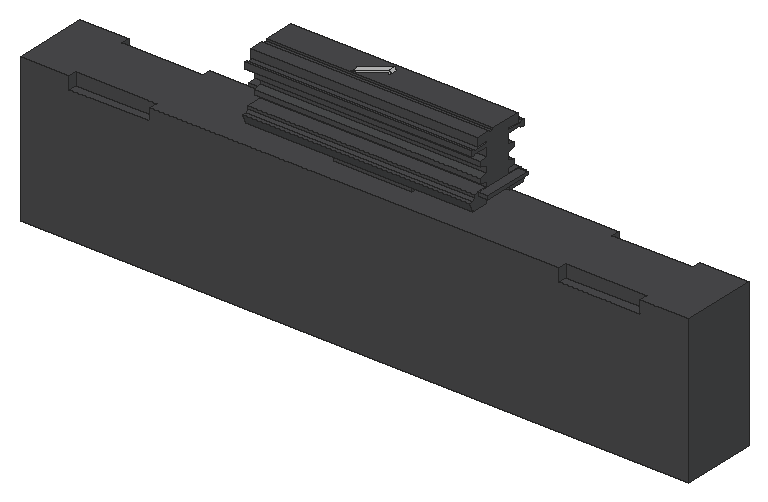
Revit family "STRIPE SINGLE HEAD RAIL 328_DTM15N3.6.90", category Luminarias, Revit 2019
Family settings
  Cota de conector redondo = Diámetro de uso
  Tipo de pieza = Normal
  Se basa en plano de trabajo = Sí
  Siempre vertical = Sí
  Corte con vacíos al cargar = No
  Origen de luz = Sí
  Compartido = No
  Punto de cálculo de habitación = No
Parameters (values of type "STRIPE SINGLE HEAD RAIL 328_DTM15N3.6.90")
  Ángulo de inclinación = 60.00°
  Zone [instance] = ""
  Watt per fixture = 15
  Wattage = 15 W
  built-in parameter 1150107 = 4000 (stored number, unit not read)
  built-in parameter 1150110 = 1 (stored number, unit not read)
  built-in parameter 1150109 = 1 (stored number, unit not read)
  built-in parameter 1150112 = 1 (stored number, unit not read)
  built-in parameter 1150113 = 1 (stored number, unit not read)
  built-in parameter 1114218 = 1 (stored number, unit not read)
  Keynote = ""
  built-in parameter 1150137 = (empty or 0)
  built-in parameter 1150132 = (empty or 0)
  Modelo = "DTM15N3.6.90"
  Lámpara = "2835SMD SAMSUNG"
  built-in parameter 1150105 = 733.28 (stored number, unit not read)
  built-in parameter 1150102 = (empty or 0)
  built-in parameter 1150106 = 7.3328 (stored number, unit not read)
  Lumens = 1260 lm
  Color Filter = 16777215
  built-in parameter 1114217 = 1 (stored number, unit not read)
  built-in parameter 1150139 = (empty or 0)
  Fabricante = "BRILLANT"
  Default Elevation = 1219.2 mm
  built-in parameter 1150104 = 7.8039 (stored number, unit not read)
  Descripción = "LUMINARIA DOWNLIGHT EN FORMATO RECTANGULAR COMPATIBLE CON RIEL DE 6 ENTRADAS Y 3 CIRCUITOS CON CABEZAL PARA PODER DIRIGIR LA LUMINARIA HASTA 30 GRADOS, CUERPO DE ALUMINIO ACABADO EN COLOR NEGRO, IP 20, PESO 0.82Kg, TIPO DE LED 2835SMD SAMSUNG CON 15W TOTAL, 1200 LUMENES, 84LM/W, IRC 90, TEMPERATURA EN BLANCO FRIO 4000K, 50 MIL HORAS DE VIDA PROMEDIO, APERTURA DE 90 GRADOS EN STOCK, ALIMENTADO A 90-240V"
  built-in parameter 1150115 = 1 (stored number, unit not read)
  built-in parameter 1150114 = 1 (stored number, unit not read)
  Comentarios de vataje = "90-240V"
  built-in parameter 1150138 = (empty or 0)
  built-in parameter 1150134 = 12
  Circuit [instance] = ""
  Dimming Lamp Color Temperature Shift = (empty or 0)
  Archivo de red fotométrica = "L328B-15W-840-B-90_IESNA95.IES"
  built-in parameter 1150133 = 10 (stored number, unit not read)
Reference planes
  plane 1 "Centro (Frontal/Posterior)": y = 0
  plane 2: z = 0
  plane 3 "Centro (Izquierda/Derecha)": x = 0
Forms (mm)
  Extrusion 1, solid, material "Default Form"
    sketch origin (0, 0, 0) x (1, 0, 0) y (0, 0, 1)
      loop
        line (-164, 0) -> (-164, -72) -> (164, -72) -> (164, 0) -> (-164, 0)
    from -18.326 to 18.326
  Blend 2, void
    base sketch origin (0, 0, 0) x (1, 0, 0) y (0, 1, 0)
      loop
        line (-162, 16.149) -> (-162, -16.149) -> (160.591, -16.149) -> (160.591, 16.149) -> (-162, 16.149)
    top sketch origin (0, 0, 0) x (1, 0, 0) y (0, 1, 0)
      loop
        line (-160, 12.149) -> (-160, -12.149) -> (157.1, -12.149) -> (157.1, 12.149) -> (-160, 12.149)
    from -71.621 to -61.591
  Extrusion 3, solid, material "Default Form"
    sketch origin (-55.628, 0, 7.5) x (0, 1, 0) y (0, 0, 1)
      loop
        line (-7.273, 1.74) -> (7.273, 1.74) -> (7.273, 0) -> (15.231, 0) -> (17.006, 4.494) -> (15.021, 4.494) -> (14.058, 5.868) -> (14.058, 7.166) -> (6.473, 7.166) -> (6.473, 9.324) -> (10.169, 10.163) -> (10.169, 12.464) -> (6.473, 13.302) -> (6.473, 16.66) -> (10.169, 17.499) -> (10.169, 19.8) -> (6.473, 20.638) -> (6.473, 25.016) -> (13.839, 25.016) -> (14.514, 24.341) -> (15.775, 24.341) -> (15.775, 27.171) -> (14.73, 27.171) -> (14.058, 26.499) -> (6.473, 26.499) -> (6.473, 27.299) -> (12.377, 27.299) -> (12.377, 31.471) -> (-2.744, 31.471) -> (-2.744, 30.671) -> (-5.514, 30.671) -> (-5.514, 31.471) -> (-12.377, 31.471) -> (-12.377, 27.299) -> (-6.473, 27.299) -> (-6.473, 26.499) -> (-14.058, 26.499) -> (-14.73, 27.171) -> (-15.775, 27.171) -> (-15.775, 24.341) -> (-14.514, 24.341) -> (-13.839, 25.016) -> (-6.473, 25.016) -> (-6.473, 20.638) -> (-10.169, 19.8) -> (-10.169, 17.499) -> (-6.473, 16.66) -> (-6.473, 13.302) -> (-10.169, 12.464) -> (-10.169, 10.163) -> (-6.473, 9.324) -> (-6.473, 7.166) -> (-14.058, 7.166) -> (-14.058, 5.868) -> (-15.021, 4.494) -> (-17.006, 4.494) -> (-15.231, 0) -> (-7.273, 0) -> (-7.273, 1.74)
    from 0 to 111.256
  Extrusion 4, solid, material "Default Form"
    sketch origin (0, 0, 0) x (1, 0, 0) y (0, 1, 0)
      loop
        line (-19.12, 6.873) -> (-19.12, -6.873) -> (19.12, -6.873) -> (19.12, 6.873) -> (-19.12, 6.873)
    from 0 to 2.67
  Extrusion 5, solid, material "Default Form"
    sketch origin (0, 0, 0) x (1, 0, 0) y (0, 1, 0)
      loop
        line (-10.93, 3.188) -> (-10.93, -3.188) -> (10.93, -3.188) -> (10.93, 3.188) -> (-10.93, 3.188)
    from 2.67 to 7.5
  Extrusion 6, void
    sketch origin (0, 0, 0) x (1, 0, 0) y (0, 1, 0)
      loop
        line (-140.14, 18.326) -> (-140.14, 14.276) -> (-100.42, 14.276) -> (-100.42, 18.326) -> (-140.14, 18.326)
      loop
        line (-140.14, -18.326) -> (-100.42, -18.326) -> (-100.42, -14.276) -> (-140.14, -14.276) -> (-140.14, -18.326)
      loop
        line (140.14, -18.326) -> (140.14, -14.276) -> (100.42, -14.276) -> (100.42, -18.326) -> (140.14, -18.326)
      loop
        line (140.14, 18.326) -> (100.42, 18.326) -> (100.42, 14.276) -> (140.14, 14.276) -> (140.14, 18.326)
    from -6.015 to 0
  Extrusion 7, solid, material "Acero Inoxidable"
    sketch origin (0, -1.594, 0) x (1, 0, 0) y (0, 0, -1)
      loop
        line (-15, -38.971) -> (3.794, -45.811) -> (4.341, -44.308) -> (3.589, -44.034) -> (3.316, -44.786) -> (-12.661, -38.971) -> (-15, -38.971)
    from 0 to 3.188
  Extrusion 8, solid, material "Default Form"
    sketch origin (0, 0, 0) x (1, 0, 0) y (0, 1, 0)
      loop
        line (-55.628, 6.473) -> (-66.331, 6.473) -> (-66.331, 0) -> (-55.628, 0) -> (-55.628, 6.473)
      loop
        line (55.628, 12.377) -> (55.628, -12.149) -> (60.628, -12.149) -> (60.628, 12.377) -> (55.628, 12.377)
    from 13.368 to 15
  Extrusion 9, solid, material "Cristal"
    sketch origin (0, 0, 0) x (1, 0, 0) y (0, 1, 0)
      loop
        line (-162, 16.149) -> (-162, -16.149) -> (160.591, -16.149) -> (160.591, 16.149) -> (-162, 16.149)
    from -72 to -70.954
Cuts and joins
  Blend 2, Extrusion 6 cuts Extrusion 1
Dimensions and locks
  equal spacing: Extrusion 1, plane 1 "Centro (Frontal/Posterior)", Extrusion 1
  Extrusion 1 to plane 1 "Centro (Frontal/Posterior)" = 18.326 mm
  Extrusion 1 to Extrusion 1 = 36.651 mm
  Extrusion 1 to Extrusion 1 = 72 mm
  Extrusion 1 to Extrusion 1 = 328 mm
  cut or joined group of Extrusion 1, Blend 2, Extrusion 6 to cut or joined group of Extrusion 1, Blend 2, Extrusion 6 = 72 mm
  cut or joined group of Extrusion 1, Blend 2, Extrusion 6 to cut or joined group of Extrusion 1, Blend 2, Extrusion 6 = 36.651 mm
  cut or joined group of Extrusion 1, Blend 2, Extrusion 6 to cut or joined group of Extrusion 1, Blend 2, Extrusion 6 = 328 mm
  equal spacing: cut or joined group of Extrusion 1, Blend 2, Extrusion 6, plane 1 "Centro (Frontal/Posterior)", cut or joined group of Extrusion 1, Blend 2, Extrusion 6
  locked: cut or joined group of Extrusion 1, Blend 2, Extrusion 6 to cut or joined group of Extrusion 1, Blend 2, Extrusion 6 at 23.86  (x2)
  aligned and locked: level to plane 2
  aligned and locked: Extrusion 5 to Extrusion 3
  aligned and locked: Extrusion 5 to Extrusion 4
Automatic sketch dimensions
  Extrusion 1 sketch curve to level = 0 mm
  Extrusion 1 sketch curve to level = 72 mm
  Extrusion 1 sketch curve to plane 3 "Centro (Izquierda/Derecha)" = 164 mm
  plane 3 "Centro (Izquierda/Derecha)" to Extrusion 1 sketch curve = 164 mm
  plane 1 "Centro (Frontal/Posterior)" to Extrusion 3 sketch curve = 17.006 mm
  plane 1 "Centro (Frontal/Posterior)" to Extrusion 3 sketch curve = 15.775 mm
  level to Extrusion 3 sketch curve = 7.5 mm  (x2)
  Extrusion 3 sketch curve to Extrusion 3 sketch curve = 1.775 mm
  Extrusion 3 sketch curve to Extrusion 3 sketch curve = 1.985 mm  (x2)
  Extrusion 3 sketch curve to Extrusion 3 sketch curve = 1.045 mm
  Extrusion 3 sketch curve to Extrusion 3 sketch curve = 1.261 mm  (x2)
  Extrusion 3 sketch curve to Extrusion 3 sketch curve = 0.963 mm  (x2)
  Extrusion 3 sketch curve to Extrusion 3 sketch curve = 0.672 mm  (x4)
  Extrusion 3 sketch curve to Extrusion 3 sketch curve = 0.675 mm  (x3)
  Extrusion 3 sketch curve to Extrusion 3 sketch curve = 2.354 mm
  Extrusion 3 sketch curve to Extrusion 3 sketch curve = 4.345 mm
  Extrusion 3 sketch curve to Extrusion 3 sketch curve = 3.89 mm  (x2)
  plane 1 "Centro (Frontal/Posterior)" to Extrusion 3 sketch curve = 7.273 mm
  Extrusion 3 sketch curve to Extrusion 3 sketch curve = 3.696 mm  (x4)
  Extrusion 3 sketch curve to Extrusion 3 sketch curve = 5.904 mm  (x2)
  Extrusion 3 sketch curve to Extrusion 3 sketch curve = 0 mm  (x3)
  Extrusion 3 sketch curve to Extrusion 3 sketch curve = 0.959 mm
  plane 1 "Centro (Frontal/Posterior)" to Extrusion 3 sketch curve = 2.744 mm
  Extrusion 3 sketch curve to plane 1 "Centro (Frontal/Posterior)" = 6.473 mm  (x2)
  Extrusion 3 sketch curve to Extrusion 3 sketch curve = 0.8 mm  (x3)
  Extrusion 3 sketch curve to Extrusion 3 sketch curve = 1.462 mm
  Extrusion 3 sketch curve to Extrusion 3 sketch curve = 0.22 mm
  Extrusion 3 sketch curve to Extrusion 3 sketch curve = 0.21 mm
  Extrusion 3 sketch curve to Extrusion 3 sketch curve = 1.74 mm
  Extrusion 3 sketch curve to Extrusion 3 sketch curve = 4.494 mm  (x2)
  Extrusion 3 sketch curve to Extrusion 3 sketch curve = 1.375 mm  (x2)
  Extrusion 3 sketch curve to Extrusion 3 sketch curve = 5.426 mm  (x2)
  Extrusion 3 sketch curve to Extrusion 3 sketch curve = 2.158 mm  (x2)
  Extrusion 3 sketch curve to Extrusion 3 sketch curve = 0.839 mm  (x8)
  Extrusion 3 sketch curve to Extrusion 3 sketch curve = 2.301 mm  (x4)
  Extrusion 3 sketch curve to Extrusion 3 sketch curve = 3.358 mm  (x2)
  Extrusion 3 sketch curve to Extrusion 3 sketch curve = 4.541 mm  (x2)
  Extrusion 3 sketch curve to Extrusion 3 sketch curve = 4.378 mm
  Extrusion 3 sketch curve to Extrusion 3 sketch curve = 1.483 mm  (x2)
  Extrusion 3 sketch curve to Extrusion 3 sketch curve = 3.372 mm
  Extrusion 3 sketch curve to Extrusion 3 sketch curve = 4.172 mm  (x2)
  plane 1 "Centro (Frontal/Posterior)" to Extrusion 4 sketch curve = 6.873 mm
  Extrusion 4 sketch curve to plane 3 "Centro (Izquierda/Derecha)" = 19.12 mm
  plane 3 "Centro (Izquierda/Derecha)" to Extrusion 4 sketch curve = 19.12 mm
  Extrusion 4 sketch curve to plane 1 "Centro (Frontal/Posterior)" = 6.873 mm
  plane 1 "Centro (Frontal/Posterior)" to Extrusion 5 sketch curve = 3.188 mm
  Extrusion 5 sketch curve to plane 3 "Centro (Izquierda/Derecha)" = 10.93 mm
  plane 3 "Centro (Izquierda/Derecha)" to Extrusion 5 sketch curve = 10.93 mm
  Extrusion 5 sketch curve to plane 1 "Centro (Frontal/Posterior)" = 3.188 mm
  Extrusion 6 sketch curve to plane 1 "Centro (Frontal/Posterior)" = 18.326 mm
  Extrusion 6 sketch curve to plane 3 "Centro (Izquierda/Derecha)" = 140.14 mm
  Extrusion 6 sketch curve to Extrusion 6 sketch curve = 0 mm  (x4)
  plane 1 "Centro (Frontal/Posterior)" to Extrusion 6 sketch curve = 18.326 mm
  Extrusion 6 sketch curve to Extrusion 6 sketch curve = 39.72 mm  (x2)
  Extrusion 6 sketch curve to plane 1 "Centro (Frontal/Posterior)" = 14.276 mm
  plane 3 "Centro (Izquierda/Derecha)" to Extrusion 6 sketch curve = 100.42 mm
  plane 1 "Centro (Frontal/Posterior)" to Extrusion 6 sketch curve = 14.276 mm
  Extrusion 6 sketch curve to Extrusion 6 sketch curve = 4.049 mm  (x4)
  Extrusion 7 sketch curve to plane 3 "Centro (Izquierda/Derecha)" = 15 mm
  Extrusion 7 sketch curve to Extrusion 7 sketch curve = 2.339 mm
  plane 3 "Centro (Izquierda/Derecha)" to Extrusion 7 sketch curve = 3.316 mm
  Extrusion 7 sketch curve to Extrusion 7 sketch curve = 0.274 mm
  Extrusion 7 sketch curve to Extrusion 7 sketch curve = 0.478 mm
  Extrusion 7 sketch curve to Extrusion 7 sketch curve = 0.752 mm
  level to Extrusion 7 sketch curve = 45.811 mm
  plane 1 "Centro (Frontal/Posterior)" to Extrusion 8 sketch curve = 0 mm
  Extrusion 8 sketch curve to plane 1 "Centro (Frontal/Posterior)" = 6.473 mm
  Extrusion 8 sketch curve to plane 3 "Centro (Izquierda/Derecha)" = 66.331 mm
  Extrusion 8 sketch curve to Extrusion 8 sketch curve = 10.703 mm
  Extrusion 8 sketch curve to plane 1 "Centro (Frontal/Posterior)" = 12.377 mm
  plane 3 "Centro (Izquierda/Derecha)" to Extrusion 8 sketch curve = 55.628 mm
  Extrusion 8 sketch curve to Extrusion 8 sketch curve = 5 mm
  plane 1 "Centro (Frontal/Posterior)" to Extrusion 8 sketch curve = 12.149 mm
  Blend 2 sketch curve to plane 1 "Centro (Frontal/Posterior)" = 16.149 mm
  Blend 2 sketch curve to plane 3 "Centro (Izquierda/Derecha)" = 162 mm
  plane 1 "Centro (Frontal/Posterior)" to Blend 2 sketch curve = 16.149 mm
  plane 3 "Centro (Izquierda/Derecha)" to Blend 2 sketch curve = 160.591 mm
  Blend 2 sketch curve to plane 1 "Centro (Frontal/Posterior)" = 12.149 mm
  Blend 2 sketch curve to plane 3 "Centro (Izquierda/Derecha)" = 160 mm
  plane 1 "Centro (Frontal/Posterior)" to Blend 2 sketch curve = 12.149 mm
  plane 3 "Centro (Izquierda/Derecha)" to Blend 2 sketch curve = 157.1 mm
  plane 1 "Centro (Frontal/Posterior)" to Extrusion 9 sketch curve = 16.149 mm
  Extrusion 9 sketch curve to plane 1 "Centro (Frontal/Posterior)" = 16.149 mm
  Extrusion 9 sketch curve to plane 3 "Centro (Izquierda/Derecha)" = 162 mm
  plane 3 "Centro (Izquierda/Derecha)" to Extrusion 9 sketch curve = 160.591 mm
Connectors
  electrical at (0, 0, 0)
    settings: on cut or joined group of Extrusion 1, Blend 2, Extrusion 6, index 1, voltage 240 V, apparent load 0 VA, apparent load phase1 0 VA, apparent load phase2 0 VA, apparent load phase3 0 VA, power factor 1, load classification "Otro", number of poles 1, system type 31, power factor state 1, is connector primary yes, connector utility no, sub classification motor no, connector description ""
